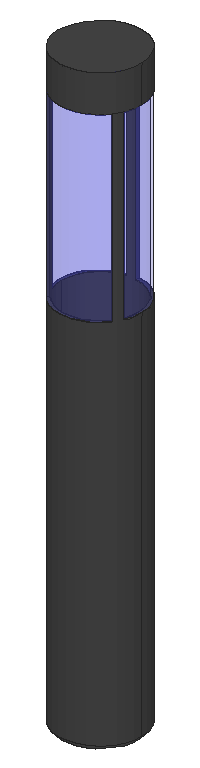
Revit family "svetilnik_alfresco_star mini", category Lighting Fixtures, Revit 2016
Family settings
  Part Type = Normal
  Round Connector Dimension = Use Diameter
  Work Plane-Based = No
  Always vertical = Yes
  Cut with Voids When Loaded = No
  Light Source = Yes
  Shared = No
  Room Calculation Point = No
Parameters (values of type "STAR мини")
  built-in parameter 1150104 = 13.8 (stored number, unit not read)
  built-in parameter 1150134 = 12
  Photometric Web File = "ДТУ-47-AF Star mini 7W.ies"
  Tilt Angle = 90.00°
  built-in parameter 1150137 = (empty or 0)
  built-in parameter 1150132 = 2
  built-in parameter 1150114 = 1 (stored number, unit not read)
  Dimming Lamp Color Temperature Shift = <None>
  built-in parameter 1150105 = 889.7 (stored number, unit not read)
  Color Filter = 16777215
  Lumens = 700 lm
  Цветовая температура = "2700-6500"
  Тип продукции = "LED-светильник"
  Тип ПРА = "-"
  Тип КСС = "Круглосимметричная"
  Тип ИС = "LED-светодиоды"
  Температура эксплуатации = "-35 +40"
  Разработано = "support@bimlib.ru"  # constant formula
  built-in parameter 1150109 = 1 (stored number, unit not read)
  built-in parameter 1150112 = 1 (stored number, unit not read)
  built-in parameter 1150110 = 1 (stored number, unit not read)
  built-in parameter 1150113 = 1 (stored number, unit not read)
  built-in parameter 1150115 = 1 (stored number, unit not read)
  built-in parameter 1114218 = 1 (stored number, unit not read)
  built-in parameter 1114217 = 1 (stored number, unit not read)
  Плафон = Прозрачное закаленное стекло
  built-in parameter 1150106 = 8.897 (stored number, unit not read)
  built-in parameter 1150133 = 10 (stored number, unit not read)
  Wattage = 4.71247 W
  built-in parameter 1150139 = (empty or 0)
  built-in parameter 1150138 = (empty or 0)
  built-in parameter 1150107 = 4000 (stored number, unit not read)
  built-in parameter 1150102 = (empty or 0)
  Emit from Circle Diameter = 80 mm
  Apparent Load = ADSK_Номинальная мощность / ADSK_Коэффициент мощности  # 7.14286 VA
  Область использования = "ландшафт, коттедж. Посёлки,микрорайоны"
  Материал рассеивателя = "Прозрачное закаленное стекло"
  Корпус светильника = Сталь крашенная чёрная
  Климатическая зона = "У1"
  Класс пожароопасности = "F (светильники предназначены для установки непосредственно на поверхность из нормально воспламеняемых материалов)"
  Класс защиты = "1"
  Manufacturer = "ALFRESCO"  # constant formula
  Emit Shape Visible in Rendering = no
  Блок аварийного питания = no
  URL = "http://www.allfresco.ru/item/star-mini"
  IP Class = "IP 65"
  ADSK_Энергоэффективность = 100 lm/W
  ADSK_Ток = ADSK_Номинальная мощность / (ADSK_Коэффициент мощности * ADSK_Напряжение * sqrt(ADSK_Количество фаз числовое))  # 0.022958 A
  ADSK_Размер_Диаметр = 90 mm
  ADSK_Размер_Высота = 650 mm
  ADSK_Примечание [instance] = ""
  ADSK_Полная мощность = ADSK_Номинальная мощность / ADSK_Коэффициент мощности  # 7.14286 VA
  ADSK_Позиция = ""
  ADSK_Номинальная мощность = 7 W
  ADSK_Напряжение = 220 V
  ADSK_Наименование = "Светодиодный светильник STAR мини ДТУ-47-AF-7Вт-0,65"
  ADSK_Модель = "ДТУ-47-AF STAR мини"
  ADSK_Масса = 2
  ADSK_Коэффициент мощности = 0.98
  ADSK_Количество фаз числовое = 2
  ADSK_Количество фаз = 2
  ADSK_Код изделия = ""
  ADSK_Классификация нагрузок [instance] = Освещение
  ADSK_Завод-изготовитель = "ALFRESCO"  # constant formula
  ADSK_Единица измерения = "шт."
  ADSK_Артикул = "ДТУ471"
Reference planes
  plane 1 "По центру (Вперед/Назад)": y = 0
  plane 2: z = 0
  plane 3 "По центру (Влево/Вправо)": x = 0
  plane 4: z = 650
  plane 5: z = 610
  plane 6: z = 410
Forms (mm)
  Extrusion 1, solid, material "Сталь крашенная чёрная" <- "Корпус светильника", detail levels medium+fine
    sketch origin (0, 0, 0) x (1, 0, 0) y (0, 1, 0)
      loop
        circle (0, 0) r 42
    from 0 to 4
  Extrusion 2, solid, material "Сталь крашенная чёрная" <- "Корпус светильника", not visible
    sketch origin (0, 0, 0) x (1, 0, 0) y (0, 0, 1)
      loop
        line (-40, 275) -> (-40, 45) -> (40, 45) -> (40, 275) -> (-40, 275)
    from 50 to 53
  Sweep 3, void, not visible
    path origin (0, 0, 0) x (1, 0, 0) y (0, 0, 1)
      loop
        line (-40, 275) -> (-40, 45) -> (40, 45) -> (40, 275) -> (-40, 275)
    profile origin (0, 0, 275) x (0, 0, 1) y (0, -1, 0)
      loop
        line (0, 53) -> (-5.115, 53) -> (0, 50.829) -> (0, 53)
  Extrusion 4, void, not visible
    sketch origin (0, 0, 0) x (0, 1, 0) y (0, 0, 1)
      loop
        line (-53, 242.5) -> (-53, 62.773) -> (-6.251, 242.5) -> (-53, 242.5)
    from -31.068 to 31.068
  Extrusion 5, solid, not visible
    sketch origin (10.462, 0, 0) x (0, 1, 0) y (0, 0, 1)
      loop
        line (-50, 242.5) -> (-50, 74.05) -> (-5.187, 242.5) -> (-50, 242.5)
    from 21.406 to 20.606
  Extrusion 6, solid, material "Отражатель", not visible
    sketch origin (-10.462, 0, 0) x (0, 1, 0) y (0, 0, -1)
      loop
        line (-50, -242.5) -> (-5.187, -242.5) -> (-50, -74.05) -> (-50, -242.5)
    from 21.406 to 20.606
  Extrusion 7, solid, material "Отражатель", not visible
    sketch origin (0, 0, 0) x (0, 1, 0) y (0, 0, 1)
      loop
        line (-50, 74.05) -> (-48.948, 73.77) -> (-4.06, 242.5) -> (-5.187, 242.5) -> (-50, 74.05)
    from -31.068 to 31.068
  Extrusion 8, solid, not visible
    sketch origin (0, 0, 0) x (1, 0, 0) y (0, 1, 0)
      loop
        line (-31.068, -4.06) -> (-31.068, -45) -> (31.068, -45) -> (31.068, -4.06) -> (-31.068, -4.06)
      loop
        line (0, -32.789) -> (-23.125, -32.789) -> (-23.125, -40.914) -> (0, -40.914) -> (23.125, -40.914) -> (23.125, -32.789) -> (0, -32.789)
    from 242.5 to 243.44
  Extrusion 9, solid, material "Пластик", not visible
    sketch origin (0, 0, 0) x (1, 0, 0) y (0, 1, 0)
      loop
        line (-23.125, -32.789) -> (-23.125, -40.914) -> (23.125, -40.914) -> (23.125, -32.789) -> (-23.125, -32.789)
    from 242.5 to 243.44
  Extrusion 10, solid, not visible
    sketch origin (10.462, 0, 0) x (0, 1, 0) y (0, 0, 1)
      loop
        line (-50, 242.5) -> (-50, 74.05) -> (-5.187, 242.5) -> (-50, 242.5)
    from 21.406 to 20.606
  Extrusion 11, solid, material "Отражатель", not visible
    sketch origin (-10.462, 0, 0) x (0, 1, 0) y (0, 0, -1)
      loop
        line (-50, -242.5) -> (-5.187, -242.5) -> (-50, -74.05) -> (-50, -242.5)
    from 21.406 to 20.606
  Extrusion 12, solid, material "Отражатель", not visible
    sketch origin (0, 0, 0) x (0, 1, 0) y (0, 0, 1)
      loop
        line (-50, 74.05) -> (-48.948, 73.77) -> (-4.06, 242.5) -> (-5.187, 242.5) -> (-50, 74.05)
    from -31.068 to 31.068
  Extrusion 13, solid, not visible
    sketch origin (0, 0, 0) x (1, 0, 0) y (0, 1, 0)
      loop
        line (-31.068, -4.06) -> (-31.068, -45) -> (31.068, -45) -> (31.068, -4.06) -> (-31.068, -4.06)
      loop
        line (0, -32.789) -> (-23.125, -32.789) -> (-23.125, -40.914) -> (0, -40.914) -> (23.125, -40.914) -> (23.125, -32.789) -> (0, -32.789)
    from 242.5 to 243.44
  Extrusion 14, solid, material "Пластик", not visible
    sketch origin (0, 0, 0) x (1, 0, 0) y (0, 1, 0)
      loop
        line (-23.125, -32.789) -> (-23.125, -40.914) -> (23.125, -40.914) -> (23.125, -32.789) -> (-23.125, -32.789)
    from 242.5 to 243.44
  Extrusion 15, void
    sketch origin (0, 0, 0) x (1, 0, 0) y (0, 1, 0)
      loop
        circle (0, 32.5) r 5
      loop
        circle (-29.396, -16.25) r 5
      loop
        circle (29.396, -16.25) r 5
    from 0 to 4
  Extrusion 16, solid, material "Сталь крашенная чёрная", detail levels medium+fine
    sketch origin (0, 0, 0) x (1, 0, 0) y (0, 1, 0)
      loop
        circle (0, 0) r 45
      loop
        circle (0, 0) r 42
    from 4 to 610
  Extrusion 17, solid, material "Сталь крашенная чёрная" <- "Корпус светильника", detail levels medium+fine
    sketch origin (0, 0, 0) x (1, 0, 0) y (0, 1, 0)
      loop
        circle (0, 0) r 45
    from 610 to 650
  Extrusion 18, void
    sketch origin (0, 0, 0) x (1, 0, 0) y (0, 1, 0)
      loop
        line (-43.778, -19.413) -> (-36.399, -14.757)
        arc (-36.399, -14.757) -> (-32.694, 19.187) -> (-5, 39.161) r 42
        line (-5, 39.161) -> (-5, 47.055)
        arc (-5, 47.055) -> (-43.101, 24.738) -> (-43.778, -19.413) r 45
      loop
        arc (5, 39.478) -> (33.861, 19.15) -> (37.023, -16.011) r 42
        line (37.023, -16.011) -> (42.191, -20.195)
        arc (42.191, -20.195) -> (42.862, 24.272) -> (5, 47.601) r 45
        line (5, 47.601) -> (5, 39.478)
      loop
        arc (-37.811, -27.472) -> (-0.464, -49.178) -> (37.955, -29.433) r 45
        line (37.955, -29.433) -> (31.301, -24.273)
        arc (31.301, -24.273) -> (-0.84, -39.488) -> (-33.083, -24.489) r 41.855
        line (-33.083, -24.489) -> (-37.811, -27.472)
    from 410 to 610
  Extrusion 19, solid, material "Прозрачное закаленное стекло" <- "Плафон", detail levels medium+fine
    sketch origin (0, 0, 0) x (1, 0, 0) y (0, 1, 0)
      loop
        arc (-5, 44.721) -> (-38.923, 22.583) -> (-41.307, -17.854) r 45
        line (-41.307, -17.854) -> (-38.737, -16.232)
        arc (-38.737, -16.232) -> (-36.294, 21.136) -> (-5, 41.701) r 42
        line (-5, 41.701) -> (-5, 44.721)
      loop
        line (5, 44.721) -> (5, 41.701)
        arc (5, 41.701) -> (36.529, 20.728) -> (38.363, -17.096) r 42
        line (38.363, -17.096) -> (40.771, -19.046)
        arc (40.771, -19.046) -> (39.247, 22.016) -> (5, 44.721) r 45
      loop
        arc (-36.338, -26.543) -> (-0.647, -44.995) -> (35.56, -27.576) r 45
        line (35.56, -27.576) -> (33.19, -25.738)
        arc (33.19, -25.738) -> (-0.502, -41.997) -> (-33.795, -24.938) r 42
        line (-33.795, -24.938) -> (-36.338, -26.543)
    from 410 to 610
Cuts and joins
  Extrusion 15 cuts Extrusion 1
  Extrusion 18 cuts Extrusion 16
Lines and regions (mm)
  model lines, detail levels coarse
    curve 1: circle (0, 0.017, 0) r 44.983 normal (0, 0, 1)
    curve 2: line (0, 0, 650) -> (0, 0, 0)
Dimensions and locks
  "ADSK_Размер_Высота": plane 4 to level
  locked: Sweep 3 sketch curve to Sweep 3 sketch curve at 2.171
  plane 4 to plane 5 = 40 mm
  plane 5 to plane 6 = 200 mm
  plane 3 "По центру (Влево/Вправо)" to Extrusion 17 = 45 mm
  cut or joined group of Extrusion 1, Extrusion 15 to plane 3 "По центру (Влево/Вправо)" = 42 mm
  aligned and locked: level to plane 2
  aligned and locked: plane 5 to Extrusion 16
  aligned and locked: plane 4 to Extrusion 17
  aligned and locked: plane 6 to Extrusion 18
  aligned and locked: plane 5 to Extrusion 19
  aligned and locked: Extrusion 19 to plane 6
  aligned and locked: Extrusion 17 to plane 5
  aligned and locked: cut or joined group of Extrusion 16, Extrusion 18 to plane 6
  aligned and locked: Extrusion 17 to plane 4
  aligned and locked: Extrusion 19 to plane 5
  aligned and locked: plane 6 to Extrusion 19
  aligned and locked: plane 5 to Extrusion 18
Automatic sketch dimensions
  Sweep 3 sketch curve to Sweep 3 sketch curve = 5.115 mm
  Extrusion 7 sketch curve to Extrusion 7 sketch curve = 0.28 mm
  Extrusion 8 sketch curve to Extrusion 8 sketch curve = 8.125 mm
  Extrusion 9 sketch curve to Extrusion 9 sketch curve = 8.125 mm
  Extrusion 2 sketch curve to Extrusion 2 sketch curve = 80 mm
  Extrusion 2 sketch curve to Extrusion 2 sketch curve = 230 mm
  Sweep 3 sketch curve to Sweep 3 sketch curve = 80 mm
  Sweep 3 sketch curve to Sweep 3 sketch curve = 230 mm
  profile plane to Sweep 3 sketch curve = 0 mm
  profile plane to Sweep 3 sketch curve = 50.829 mm
  Extrusion 4 sketch curve to Extrusion 4 sketch curve = 46.749 mm
  Extrusion 4 sketch curve to Extrusion 4 sketch curve = 179.727 mm
  Extrusion 5 sketch curve to Extrusion 5 sketch curve = 44.813 mm
  Extrusion 5 sketch curve to Extrusion 5 sketch curve = 168.45 mm
  Extrusion 6 sketch curve to Extrusion 6 sketch curve = 44.813 mm
  Extrusion 6 sketch curve to Extrusion 6 sketch curve = 168.45 mm
  Extrusion 7 sketch curve to Extrusion 7 sketch curve = 1.052 mm
  Extrusion 7 sketch curve to Extrusion 7 sketch curve = 44.813 mm
  Extrusion 8 sketch curve to Extrusion 8 sketch curve = 7.943 mm  (x2)
  Extrusion 8 sketch curve to Extrusion 8 sketch curve = 23.125 mm  (x2)
  Extrusion 8 sketch curve to Extrusion 8 sketch curve = 0 mm
  Extrusion 8 sketch curve to Extrusion 8 sketch curve = 4.086 mm
  Extrusion 8 sketch curve to Extrusion 8 sketch curve = 28.729 mm
  Extrusion 9 sketch curve to Extrusion 9 sketch curve = 46.25 mm
  Extrusion 12 sketch curve to Extrusion 12 sketch curve = 0.28 mm
  Extrusion 13 sketch curve to Extrusion 13 sketch curve = 8.125 mm
  Extrusion 14 sketch curve to Extrusion 14 sketch curve = 8.125 mm
  Extrusion 10 sketch curve to Extrusion 10 sketch curve = 44.813 mm
  Extrusion 10 sketch curve to Extrusion 10 sketch curve = 168.45 mm
  Extrusion 11 sketch curve to Extrusion 11 sketch curve = 44.813 mm
  Extrusion 11 sketch curve to Extrusion 11 sketch curve = 168.45 mm
  Extrusion 12 sketch curve to Extrusion 12 sketch curve = 1.052 mm
  Extrusion 12 sketch curve to Extrusion 12 sketch curve = 44.813 mm
  Extrusion 13 sketch curve to Extrusion 13 sketch curve = 7.943 mm  (x2)
  Extrusion 13 sketch curve to Extrusion 13 sketch curve = 23.125 mm  (x2)
  Extrusion 13 sketch curve to Extrusion 13 sketch curve = 0 mm
  Extrusion 13 sketch curve to Extrusion 13 sketch curve = 4.086 mm
  Extrusion 13 sketch curve to Extrusion 13 sketch curve = 28.729 mm
  Extrusion 14 sketch curve to Extrusion 14 sketch curve = 46.25 mm
  plane 1 "По центру (Вперед/Назад)" to Extrusion 1 sketch curve = 0 mm
  Extrusion 1 sketch curve to plane 3 "По центру (Влево/Вправо)" = 0 mm
  Extrusion 15 sketch curve to plane 3 "По центру (Влево/Вправо)" = 0 mm
  plane 1 "По центру (Вперед/Назад)" to Extrusion 15 sketch curve = 16.25 mm  (x2)
  Extrusion 15 sketch curve to plane 3 "По центру (Влево/Вправо)" = 29.396 mm
  plane 3 "По центру (Влево/Вправо)" to Extrusion 15 sketch curve = 29.396 mm
  Extrusion 16 sketch curve to Extrusion 16 sketch curve = 0 mm  (x2)
  plane 1 "По центру (Вперед/Назад)" to Extrusion 16 sketch curve = 0 mm
  Extrusion 16 sketch curve to plane 3 "По центру (Влево/Вправо)" = 0 mm
  plane 1 "По центру (Вперед/Назад)" to Extrusion 17 sketch curve = 0 mm
  Extrusion 17 sketch curve to plane 3 "По центру (Влево/Вправо)" = 0 mm
  Extrusion 18 sketch curve to Extrusion 18 sketch curve = 3.905 mm
  Extrusion 18 sketch curve to Extrusion 18 sketch curve = 7.641 mm
  Extrusion 18 sketch curve to Extrusion 18 sketch curve = 6.254 mm
  Extrusion 18 sketch curve to Extrusion 18 sketch curve = 6.116 mm
  Extrusion 18 sketch curve to Extrusion 18 sketch curve = 4.578 mm
  Extrusion 18 sketch curve to Extrusion 18 sketch curve = 2.9 mm
  Extrusion 18 sketch curve to Extrusion 18 sketch curve = 2.244 mm
  Extrusion 18 sketch curve to Extrusion 18 sketch curve = 2.708 mm
  plane 1 "По центру (Вперед/Назад)" to Extrusion 18 sketch curve = 1.949 mm
  plane 3 "По центру (Влево/Вправо)" to Extrusion 18 sketch curve = 3.6 mm
  Extrusion 18 sketch curve to plane 3 "По центру (Влево/Вправо)" = 0.981 mm
  Extrusion 18 sketch curve to plane 3 "По центру (Влево/Вправо)" = 5 mm
  Extrusion 18 sketch curve to Extrusion 18 sketch curve = 4.727 mm
  Extrusion 18 sketch curve to Extrusion 18 sketch curve = 7.379 mm
  plane 3 "По центру (Влево/Вправо)" to Extrusion 18 sketch curve = 5 mm
  Extrusion 18 sketch curve to Extrusion 18 sketch curve = 6.654 mm
  Extrusion 18 sketch curve to Extrusion 18 sketch curve = 4.656 mm
  Extrusion 18 sketch curve to Extrusion 18 sketch curve = 9.732 mm
  plane 1 "По центру (Вперед/Назад)" to Extrusion 18 sketch curve = 24.273 mm
  Extrusion 18 sketch curve to Extrusion 18 sketch curve = 2.983 mm
  Extrusion 18 sketch curve to Extrusion 18 sketch curve = 5.168 mm
  Extrusion 19 sketch curve to plane 3 "По центру (Влево/Вправо)" = 5 mm
  Extrusion 19 sketch curve to Extrusion 19 sketch curve = 2.543 mm
  Extrusion 19 sketch curve to Extrusion 19 sketch curve = 2.57 mm
  plane 3 "По центру (Влево/Вправо)" to Extrusion 19 sketch curve = 5 mm
  Extrusion 19 sketch curve to Extrusion 19 sketch curve = 2.371 mm
  Extrusion 19 sketch curve to Extrusion 19 sketch curve = 2.408 mm
  Extrusion 19 sketch curve to Extrusion 19 sketch curve = 1.622 mm
  Extrusion 19 sketch curve to Extrusion 19 sketch curve = 1.95 mm
  Extrusion 19 sketch curve to Extrusion 19 sketch curve = 0 mm  (x10)
  plane 1 "По центру (Вперед/Назад)" to Extrusion 19 sketch curve = 0 mm
  Extrusion 19 sketch curve to plane 3 "По центру (Влево/Вправо)" = 0 mm
  Extrusion 19 sketch curve to Extrusion 19 sketch curve = 8.706 mm
  Extrusion 19 sketch curve to Extrusion 19 sketch curve = 1.605 mm
  plane 1 "По центру (Вперед/Назад)" to Extrusion 19 sketch curve = 16.232 mm
  Extrusion 19 sketch curve to Extrusion 19 sketch curve = 8.531 mm
  Extrusion 15 sketch curve to plane 1 "По центру (Вперед/Назад)" = 32.5 mm
  plane 1 "По центру (Вперед/Назад)" to Extrusion 18 sketch curve = 24.489 mm
  Extrusion 18 sketch curve to Extrusion 18 sketch curve = 9.238 mm
  Extrusion 18 sketch curve to Extrusion 18 sketch curve = 4.185 mm
  Extrusion 18 sketch curve to plane 3 "По центру (Влево/Вправо)" = 33.083 mm
  Extrusion 18 sketch curve to Extrusion 18 sketch curve = 3.316 mm
  Extrusion 19 sketch curve to plane 3 "По центру (Влево/Вправо)" = 33.795 mm
  Extrusion 19 sketch curve to Extrusion 19 sketch curve = 4.942 mm
  plane 3 "По центру (Влево/Вправо)" to Extrusion 18 sketch curve = 31.301 mm
  Extrusion 18 sketch curve to Extrusion 18 sketch curve = 5.722 mm
  plane 1 "По центру (Вперед/Назад)" to Extrusion 19 sketch curve = 25.738 mm
  Extrusion 19 sketch curve to Extrusion 19 sketch curve = 5.173 mm
  curve 1 to plane 3 "По центру (Влево/Вправо)" = 0 mm
  curve 1 to plane 1 "По центру (Вперед/Назад)" = 0.017 mm
  curve 2 to level = 0 mm
  curve 2 to plane 3 "По центру (Влево/Вправо)" = 0 mm
  curve 2 to plane 4 = 0 mm
  radius of Extrusion 1 sketch curve = 42 mm
  radius of Extrusion 15 sketch curve = 5 mm  (x3)
  radius of Extrusion 16 sketch curve = 45 mm
  radius of Extrusion 16 sketch curve = 42 mm
  radius of Extrusion 17 sketch curve = 45 mm
  radius of curve 1 = 44.983 mm
Nested families
  nested 1: "УГО_Осветительный прибор" at (0, 0, 0), type "УГО_Осветительный прибор", detail levels coarse
Connectors
  electrical at (0, 0, 0), driven by "ADSK_Количество фаз", driven by "ADSK_Классификация нагрузок", driven by "ADSK_Напряжение", driven by "ADSK_Полная мощность", driven by "ADSK_Коэффициент мощности"
    settings: on cut or joined group of Extrusion 1, Extrusion 15, index 1, voltage 220 V, apparent load 7.14286 VA, apparent load phase1 0 VA, apparent load phase2 0 VA, apparent load phase3 0 VA, power factor 0.98, load classification "Освещение", number of poles 2, system type 30, power factor state 1, is connector primary yes, connector utility no, sub classification motor no, connector description ""
Definition of nested family "УГО_Осветительный прибор"
  Reference planes
    plane 1: y = 0
    plane 2: x = 0
  Lines and regions (mm)
    detail lines
      curve 1: circle (0, 0, 0) r 1.75 normal (0, 0, 1)
      curve 2: line (-1.021, 1.421, 0) -> (-1.021, -1.421, 0)
      curve 3: line (1.021, 1.421, 0) -> (1.021, -1.421, 0)
